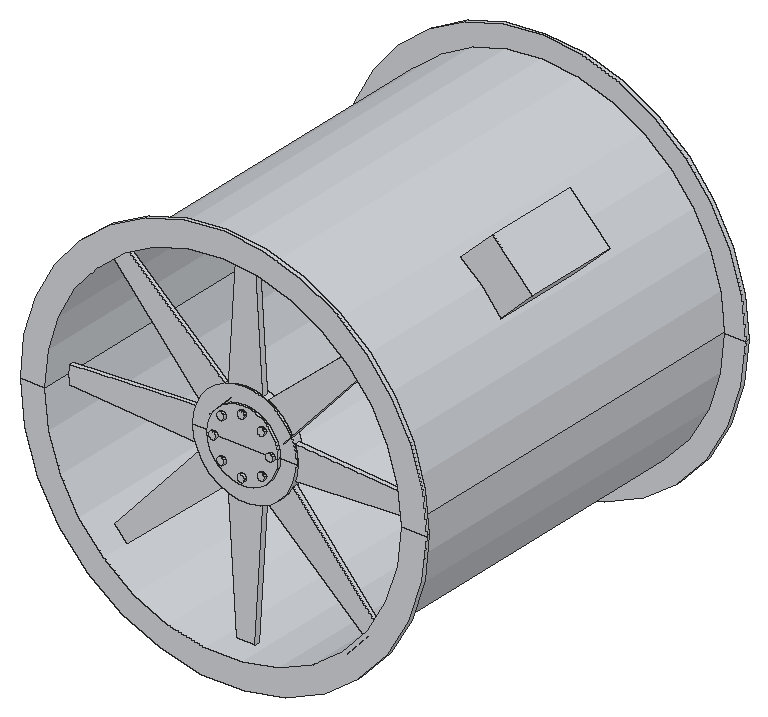
Revit family "CADS_Vent-Axia_MechEquip_Fan_LCA_500_3Ph4P - EXTRACT", category Mechanical Equipment, Revit 2020
Family settings
  Round Connector Dimension = Use Diameter
  Part Type = Normal
  OmniClass Number = 23.75.00.00
  OmniClass Title = Climate Control (HVAC)
  Work Plane-Based = No
  Always vertical = Yes
  Cut with Voids When Loaded = No
  Shared = No
  Room Calculation Point = No
Parameters (values of type "LCA503410")
  nr = NominalDiameter / 2  # 250 mm
  WorkingPressure = 0.0 Pa
  WarrantyStartDate [instance] = "1900-12-31T23:59:59"
  WarrantyPeriod = ""
  WarrantyIdentifier = "N/A"
  WarrantyGuarantorParts = "tech@vent-axia.com"
  WarrantyGuarantorLabor = "tech@vent-axia.com"
  WarrantyGuarantor = "Vent-Axia Limited"
  WarrantyEndDate [instance] = "1900-12-31T23:59:59"
  WarrantyContent = ""
  TemperatureRange = ""
  TagNumber [instance] = "N/A"
  SustainabilityPerformance = ""
  Status = "New"
  Size = ""
  Shape = ""
  ServiceLifeType = ""
  ServiceLifeDuration = ""
  SerialNumber [instance] = "N/A"
  ReplacementCost = ""
  RatedVoltage = 0 V
  RatedCurrent = 0 A
  Quantity = 1
  ProductionYear = ""
  PressureCurve = ""
  PowerFactor = ""
  PointOfContact = ""
  NumberOfPoles = 0
  NominalWidth = 500 mm
  NominalLength = 565 mm
  NominalHeight = 500 mm
  NominalFrequencyRange = ""
  NominalDiameter = 500 mm
  ModelReference = "LCAX 500mm 3PH 4P 10DEG"
  ModelNumber = "LCA503410"
  Material = ""
  ManufacturerE-Mail = "tech@vent-axia.com"
  ManufacturerAddress = "Fleming Way\nCrawley \nRH10 9YX"
  IsExtendedWarranty = no
  InsulationStandardClass = ""
  InstallationDate [instance] = "1900-12-31T23:59:59"
  IfcExportType [instance] = ""
  IfcExportAs = "IfcFanType"
  IP_Code = ""
  HasProtectiveEarth = no
  GrossWeight = 0.00 kg
  Grade = ""
  GlobalTradeItemNumber [instance] = "N/A"
  Fitting Type = "Ignore"
  Finish = ""
  Features = ""
  ExteriorInsulation = no
  ExpectedServiceLife = 0
  Exclusions = ""
  DurationUnit = "Year"
  Default Elevation = 0 mm
  Constituents = ""
  ConductorFunction = ""
  Color = ""
  CodePerformance = ""
  Category = ""
  CADS_Usage = 0
  CADS_Index = 0
  AssetType = "FIXED"
  AssetIdentifier [instance] = "N/A"
  AssemblyPlace = "UNKNOWN"
  ArticleNumber [instance] = "N/A"
  AirflowRateRange = 0.0 L/s
  Air Flow [instance] = 0.0 L/s
  AccessibilityPerformance = ""
Types (16, lengths in mm): name | ModelReference | ModelNumber
  LCA503410 | "LCAX 500mm 3PH 4P 10DEG" | "LCA503410"
  LCA503412 | "LCAX 500mm 3PH 4P 12DEG" | "LCA503412"
  LCA503414 | "LCAX 500mm 3PH 4P 14DEG" | "LCA503414"
  LCA503416 | "LCAX 500mm 3PH 4P 16DEG" | "LCA503416"
  LCA503418 | "LCAX 500mm 3PH 4P 18DEG" | "LCA503418"
  LCA503420 | "LCAX 500mm 3PH 4P 20DEG" | "LCA503420"
  LCA503422 | "LCAX 500mm 3PH 4P 22DEG" | "LCA503422"
  LCA503424 | "LCAX 500mm 3PH 4P 24DEG" | "LCA503424"
  LCA503426 | "LCAX 500mm 3PH 4P 26DEG" | "LCA503426"
  LCA503428 | "LCAX 500mm 3PH 4P 28DEG" | "LCA503428"
  LCA503430 | "LCAX 500mm 3PH 4P 30DEG" | "LCA503430"
  LCA503432 | "LCAX 500mm 3PH 4P 32DEG" | "LCA503432"
  LCA503434 | "LCAX 500mm 3PH 4P 34DEG" | "LCA503434"
  LCA503436 | "LCAX 500mm 3PH 4P 36DEG" | "LCA503436"
  LCA503438 | "LCAX 500mm 3PH 4P 38DEG" | "LCA503438"
  LCA503440 | "LCAX 500mm 3PH 4P 40DEG" | "LCA503440"
Reference planes
  plane 1 "Center (Front/Back)": y = 0
  plane 2: z = 0
  plane 3 "Center (Left/Right)": x = 0
  plane 4: x = -250
  plane 5: x = 250
  plane 6 "F": y = -282.5
  plane 7 "B": y = 282.5
  plane 8: x = -285
  plane 9: y = 277.5
  plane 10: y = -277.5
  plane 11: x = -255
  plane 12: y = -242.5
  plane 13 "top": z = 250
  plane 14: z = -250
  plane 15 "45deg": through (0, -1524, 0) normal (-0.7071, 0, -0.7071)
  plane 16 "C": through (0, -1524, 0) normal (-0.7071, 0, 0.7071)
Forms (mm)
  Revolve 1, solid
    sketch origin (0, 0, 0) x (1, 0, 0) y (0, 1, 0)
      loop
        line (-285, -282.5) -> (-250, -282.5) -> (-250, 282.5) -> (-285, 282.5) -> (-285, 277.5) -> (-255, 277.5) -> (-255, -277.5) -> (-285, -277.5) -> (-285, -282.5)
      axis (0, 282.5) -> (0, -282.5)
    angle from 0 to 360
  Sweep 2, solid
    path origin (0, 0, 0) x (1, 0, 0) y (0, 0, 1)
      loop
        line (176.777, 176.777) -> (222.739, 222.739)
    profile origin (199.758, 0, 199.758) x (-0.707107, 0, 0.707107) y (0, -1, 0)
      loop
        line (37.5, 55) -> (-42.73, 55) -> (-42.73, -79.5) -> (37.5, -79.5) -> (37.5, 55)
Dimensions and locks
  equal spacing: plane 4, plane 3 "Center (Left/Right)", plane 5
  equal spacing: plane 7 "B", plane 1 "Center (Front/Back)", plane 6 "F"
  "NominalLength": plane 7 "B" to plane 6 "F"
  "NominalDiameter": plane 4 to plane 5
  locked: plane 11 to plane 4 at 5
  locked: plane 8 to plane 11 at 30
  locked: plane 6 "F" to plane 10 at 5
  locked: plane 7 "B" to plane 9 at 5
  locked: plane 6 "F" to plane 12 at 40
  equal spacing: plane 13 "top", level, plane 14
  "NominalDiameter": plane 13 "top" to plane 14
  "nr": Sweep 2 sketch curve to nested 13
  Sweep 2 sketch curve to Sweep 2 sketch curve = 65 mm
  aligned and locked: level to plane 2
  aligned and locked: nested 1 to plane 12
Automatic sketch dimensions
  plane 6 "F" to Revolve 1 sketch curve = 0 mm
  Revolve 1 sketch curve to plane 8 = 0 mm  (x2)
  plane 10 to Revolve 1 sketch curve = 0 mm
  Revolve 1 sketch curve to plane 11 = 0 mm
  Revolve 1 sketch curve to plane 4 = 0 mm
  Revolve 1 sketch curve to plane 3 "Center (Left/Right)" = 0 mm
  plane 1 "Center (Front/Back)" to Revolve 1 sketch curve = 0 mm
  Revolve 1 sketch curve to plane 9 = 0 mm
  Revolve 1 sketch curve to plane 7 "B" = 0 mm
  plane 6 "F" to Revolve 1 sketch curve = 115 mm
  plane 1 "Center (Front/Back)" to Sweep 2 sketch curve = 55 mm
  Sweep 2 sketch curve to profile plane = 37.5 mm
  Sweep 2 sketch curve to Sweep 2 sketch curve = 80.23 mm
  Sweep 2 sketch curve to Sweep 2 sketch curve = 134.5 mm
  Sweep 2 sketch curve to plane 16 "C" = 0 mm  (x2)
Nested families
  nested 1: "Fan for ESC" at (0, -242.5, 0), ND <- "NominalDiameter", type "Fan for ESC"
    with hub 50 mm, ND 500 mm, BoltPCD 40 mm, Bolt Count 8, B_Diam 10 mm
  nested 2: "Bolts" at (0, -251.672, -40) x (-1, 0, 0) z (0, 1, 0), type "Bolts"
    with bd 10 mm
  nested 3: "Bolts" at (-28.284, -251.672, -28.284) x (-0.7071, 0, 0.7071) z (0, 1, 0), type "Bolts"
    with bd 10 mm
  nested 4: "Bolts" at (-40, -251.672, 0) x (0, 0, 1) z (0, 1, 0), type "Bolts"
    with bd 10 mm
  nested 5: "Bolts" at (-28.284, -251.672, 28.284) x (0.7071, 0, 0.7071) z (0, 1, 0), type "Bolts"
    with bd 10 mm
  nested 6: "Bolts" at (28.284, -251.672, 28.284) x (0.7071, 0, -0.7071) z (0, 1, 0), type "Bolts"
    with bd 10 mm
  nested 7: "Bolts" at (0, -251.672, 40) x (1, 0, 0) z (0, 1, 0), type "Bolts"
    with bd 10 mm
  nested 8: "ESC Blade" at (0, -242.5, 0), type "ESC Blade"
    with a 20.00°, HR 50 mm, HD 100 mm, BT 25 mm, BR 200 mm, BH 40 mm, BD 500 mm, BB 50 mm
  nested 9: "ESC Blade" at (0, -242.5, 0) x (0.7071, 0, -0.7071) z (0.7071, 0, 0.7071), type "ESC Blade"
    with a 20.00°, HR 50 mm, HD 100 mm, BT 25 mm, BR 200 mm, BH 40 mm, BD 500 mm, BB 50 mm
  nested 10: "ESC Blade" at (0, -242.5, 0) x (0, 0, -1) z (1, 0, 0), type "ESC Blade"
    with a 20.00°, HR 50 mm, HD 100 mm, BT 25 mm, BR 200 mm, BH 40 mm, BD 500 mm, BB 50 mm
  nested 11: "ESC Blade" at (0, -242.5, 0) x (-0.7071, 0, -0.7071) z (0.7071, 0, -0.7071), type "ESC Blade"
    with a 20.00°, HR 50 mm, HD 100 mm, BT 25 mm, BR 200 mm, BH 40 mm, BD 500 mm, BB 50 mm
  nested 12: "ESC Blade" at (0, -242.5, 0) x (-1, 0, 0) z (0, 0, -1), type "ESC Blade"
    with a 20.00°, HR 50 mm, HD 100 mm, BT 25 mm, BR 200 mm, BH 40 mm, BD 500 mm, BB 50 mm
  nested 13: "ESC Blade" at (0, -242.5, 0) x (-0.7071, 0, -0.7071) z (-0.7071, 0, 0.7071), type "ESC Blade"
    with a 20.00°, HR 50 mm, HD 100 mm, BT 25 mm, BR 200 mm, BH 40 mm, BD 500 mm, BB 50 mm
  nested 14: "ESC Blade" at (0, -242.5, 0) x (0, 0, -1) z (-1, 0, 0), type "ESC Blade"
    with a 20.00°, HR 50 mm, HD 100 mm, BT 25 mm, BR 200 mm, BH 40 mm, BD 500 mm, BB 50 mm
  nested 15: "ESC Blade" at (0, -242.5, 0) x (0.7071, 0, -0.7071) z (-0.7071, 0, -0.7071), type "ESC Blade"
    with a 20.00°, HR 50 mm, HD 100 mm, BT 25 mm, BR 200 mm, BH 40 mm, BD 500 mm, BB 50 mm
  nested 16: "Bolts" at (40, -251.672, 0) x (0, 0, -1) z (0, 1, 0), type "Bolts"
    with bd 10 mm
  nested 17: "Bolts" at (28.284, -251.672, -28.284) x (-0.7071, 0, -0.7071) z (0, 1, 0), type "Bolts"
    with bd 10 mm
Connectors
  hvac at (0, -282.5, 0), driven by "NominalDiameter", driven by "Air Flow"
    settings: on Revolve 1, index 1, duct flow 0.0 L/s, flow factor 0, pres drop 0.0 Pa, loss coef 0, conn angle 0.00°, conn width 304.8 mm, conn height 304.8 mm, conn diameter 500 mm, duct sys type 2, conn prof type 0, flow config 0, flow direction 1, loss method 0, conn ref index -1, conn util no, is conn primary yes, conn desc ""
  hvac at (0, 282.5, 0), driven by "NominalDiameter", driven by "Air Flow"
    settings: on Revolve 1, index 2, duct flow 0.0 L/s, flow factor 0, pres drop 0.0 Pa, loss coef 0, conn angle 0.00°, conn width 304.8 mm, conn height 304.8 mm, conn diameter 500 mm, duct sys type 3, conn prof type 0, flow config 1, flow direction 2, loss method 0, conn ref index -1, conn util no, is conn primary no, conn desc ""
Definition of nested family "Fan for ESC"
  Parameters (values of type "Fan for ESC")
    hub [instance] = ND / 10  # 56.7 mm
    ND [instance] = 567 mm
    Model = "."
    Default Elevation = 0 mm
    BoltPCD [instance] = hub - (hub * 0.2)  # 45.36 mm
    Bolt Count [instance] = if(hub < 50 mm, 6, 8)  # 8
    B_Diam [instance] = if(hub < 50 mm, 5 mm, 10 mm)  # 10 mm
  Reference planes
    plane 1 "Center (Front/Back)": y = 0
    plane 2: z = 0
    plane 3 "Center (Left/Right)": x = 0
    plane 4 "back": y = 20
    plane 5 "bolts": y = -9.172
    plane 6 "B": z = 56.7
    plane 7: x = -79.287
    plane 8: x = -56.7
    plane 9 "hubface": y = -6.172
  Forms (mm)
    Revolve 1, solid
      sketch origin (0, 0, 0) x (1, 0, 0) y (0, 1, 0)
        loop
          line (0, 20) -> (-56.7, 20) -> (-56.7, 10.504) -> (-79.287, 10.504) -> (-79.287, -2.597) -> (-56.7, -2.597) -> (-56.7, -6.172) -> (0, -6.172) -> (0, 20)
        axis (0, 20) -> (0, -6.172)
      angle from 0 to 360
    Extrusion 2, solid, not visible
      sketch origin (0, -6.347, -4) x (-1, 0, 0) y (0, 0, 1)
        loop
          circle (0, 84) r 5
      from 0 to 3
  Lines and regions (mm)
    symbolic lines
      curve 1: circle (0, -9.172, 0) r 45.36 normal (0, 1, 0)
    model lines, not visible
      curve 2: line (0, -6.347, 85) -> (0, -6.347, 75)
  Dimensions and locks
    "hub": plane 6 "B" to plane 2
    "hub": nested 3 to plane 3 "Center (Left/Right)"
    "hub": nested 4 to plane 3 "Center (Left/Right)"
    "hub": nested 5 to plane 3 "Center (Left/Right)"
    "hub": plane 3 "Center (Left/Right)" to nested 6
    "hub": Revolve 1 sketch curve to Revolve 1 sketch curve
    "hub": plane 3 "Center (Left/Right)" to nested 7
    "hub": plane 3 "Center (Left/Right)" to nested 8
    "hub": plane 3 "Center (Left/Right)" to nested 9
    "hub": plane 8 to plane 3 "Center (Left/Right)"
    plane 7 to plane 8 = 22.587 mm
    diameter of Extrusion 2 sketch curve = 10 mm
    "BoltPCD": radius of curve 1
    "BoltPCD": radius of radial array
    aligned and locked: level to plane 2
    aligned and locked: plane 6 "B" to nested 1
  Automatic sketch dimensions
    Revolve 1 sketch curve to plane 7 = 0 mm
    Revolve 1 sketch curve to plane 8 = 0 mm  (x2)
    Revolve 1 sketch curve to plane 3 "Center (Left/Right)" = 0 mm
    Revolve 1 sketch curve to plane 9 "hubface" = 0 mm
    plane 4 "back" to Revolve 1 sketch curve = 0 mm
    plane 1 "Center (Front/Back)" to Revolve 1 sketch curve = 2.597 mm
    plane 4 "back" to Revolve 1 sketch curve = 9.496 mm
    Revolve 1 sketch curve to Revolve 1 sketch curve = 5 mm
    Revolve 1 sketch curve to plane 4 "back" = 45 mm
    curve 1 to level = 0 mm
    curve 1 to plane 3 "Center (Left/Right)" = 0 mm
  Nested families
    nested 1: "ESC Blade" at (0, 0, 0), BD <- "ND", HD <- "hub", type "ESC Blade"
      with a 20.00°, HR 56.7 mm, HD 113.4 mm, BT 28.35 mm, BR 226.8 mm, BH 40 mm, BD 567 mm, BB 56.7 mm
    nested 2: "ESC Blade" at (0, 0, 755), BD <- "ND", HD <- "hub", type "ESC Blade", not visible
      with a 20.00°, HR 56.7 mm, HD 113.4 mm, BT 28.35 mm, BR 226.8 mm, BH 40 mm, BD 567 mm, BB 56.7 mm
    nested 3: "ESC Blade" at (0, 0, 0) x (0.7071, 0, -0.7071) z (0.7071, 0, 0.7071), BD <- "ND", HD <- "hub", type "ESC Blade"
      with a 20.00°, HR 56.7 mm, HD 113.4 mm, BT 28.35 mm, BR 226.8 mm, BH 40 mm, BD 567 mm, BB 56.7 mm
    nested 4: "ESC Blade" at (0, 0, 0) x (0, 0, -1) z (1, 0, 0), BD <- "ND", HD <- "hub", type "ESC Blade"
      with a 20.00°, HR 56.7 mm, HD 113.4 mm, BT 28.35 mm, BR 226.8 mm, BH 40 mm, BD 567 mm, BB 56.7 mm
    nested 5: "ESC Blade" at (0, 0, 0) x (-0.7071, 0, -0.7071) z (0.7071, 0, -0.7071), BD <- "ND", HD <- "hub", type "ESC Blade"
      with a 20.00°, HR 56.7 mm, HD 113.4 mm, BT 28.35 mm, BR 226.8 mm, BH 40 mm, BD 567 mm, BB 56.7 mm
    nested 6: "ESC Blade" at (0, 0, 0) x (-1, 0, 0) z (0, 0, -1), BD <- "ND", HD <- "hub", type "ESC Blade"
      with a 20.00°, HR 56.7 mm, HD 113.4 mm, BT 28.35 mm, BR 226.8 mm, BH 40 mm, BD 567 mm, BB 56.7 mm
    nested 7: "ESC Blade" at (0, 0, 0) x (-0.7071, 0, -0.7071) z (-0.7071, 0, 0.7071), BD <- "ND", HD <- "hub", type "ESC Blade"
      with a 20.00°, HR 56.7 mm, HD 113.4 mm, BT 28.35 mm, BR 226.8 mm, BH 40 mm, BD 567 mm, BB 56.7 mm
    nested 8: "ESC Blade" at (0, 0, 0) x (0, 0, -1) z (-1, 0, 0), BD <- "ND", HD <- "hub", type "ESC Blade"
      with a 20.00°, HR 56.7 mm, HD 113.4 mm, BT 28.35 mm, BR 226.8 mm, BH 40 mm, BD 567 mm, BB 56.7 mm
    nested 9: "ESC Blade" at (0, 0, 0) x (0.7071, 0, -0.7071) z (-0.7071, 0, -0.7071), BD <- "ND", HD <- "hub", type "ESC Blade"
      with a 20.00°, HR 56.7 mm, HD 113.4 mm, BT 28.35 mm, BR 226.8 mm, BH 40 mm, BD 567 mm, BB 56.7 mm
    nested 10: "Bolts" at (0, -9.172, 45.36) x (1, 0, 0) z (0, 1, 0), bd <- "B_Diam", type "Bolts"
      with bd 10 mm
    nested 11: "Bolts" at (32.074, -9.172, 32.074) x (0.7071, 0, -0.7071) z (0, 1, 0), bd <- "B_Diam", type "Bolts"
      with bd 10 mm
    nested 12: "Bolts" at (-32.074, -9.172, 32.074) x (0.7071, 0, 0.7071) z (0, 1, 0), bd <- "B_Diam", type "Bolts"
      with bd 10 mm
    nested 13: "Bolts" at (-45.36, -9.172, 0) x (0, 0, 1) z (0, 1, 0), bd <- "B_Diam", type "Bolts"
      with bd 10 mm
    nested 14: "Bolts" at (-32.074, -9.172, -32.074) x (-0.7071, 0, 0.7071) z (0, 1, 0), bd <- "B_Diam", type "Bolts"
      with bd 10 mm
    nested 15: "Bolts" at (0, -9.172, -45.36) x (-1, 0, 0) z (0, 1, 0), bd <- "B_Diam", type "Bolts"
      with bd 10 mm
    nested 16: "Bolts" at (32.074, -9.172, -32.074) x (-0.7071, 0, -0.7071) z (0, 1, 0), bd <- "B_Diam", type "Bolts"
      with bd 10 mm
    nested 17: "Bolts" at (45.36, -9.172, 0) x (0, 0, -1) z (0, 1, 0), bd <- "B_Diam", type "Bolts"
      with bd 10 mm
  Definition of nested family "ESC Blade"
    Parameters (values of type "ESC Blade")
      a [instance] = 20.00°
      HR [instance] = HD / 2  # 30 mm
      HD [instance] = BD / 5  # 60 mm
      Default Elevation = 1219.2 mm
      BT [instance] = BD / 20  # 15 mm
      BR [instance] = (BD / 2) - HR  # 120 mm
      BH [instance] = 40 mm
      BD [instance] = 300 mm
      BB [instance] = BD / 10  # 30 mm
    Reference planes
      plane 1 "Center (Front/Back)": y = 0
      plane 2: z = 0
      plane 3 "Center (Left/Right)": x = 0
      plane 4 "Blade Bot": z = 30
      plane 5: x = -15
      plane 6: x = 15
      plane 7: x = -7.5
      plane 8: x = 7.5
    Forms (mm)
      Blend 1, solid
        base sketch origin (0, 0, 30) x (-1, 0, 0) y (0, -1, 0)
          loop
            line (15, 0) -> (-15, 0) -> (-15, -6) -> (15, -6) -> (15, 0)
        top sketch origin (0, 0, 30) x (-1, 0, 0) y (0, -1, 0)
          loop
            line (7.5, -6) -> (7.5, 0) -> (-7.5, 0) -> (-7.5, -6) -> (7.5, -6)
        from 0 to 120 <- "BR"
    Dimensions and locks
      "HR": plane 4 "Blade Bot" to level
      equal spacing: plane 8, plane 3 "Center (Left/Right)", plane 7
      "BT": plane 8 to plane 7
      equal spacing: plane 6, plane 3 "Center (Left/Right)", plane 5
      "BB": plane 6 to plane 5
      aligned and locked: level to plane 2
    Automatic sketch dimensions
      plane 1 "Center (Front/Back)" to Blend 1 sketch curve = 0 mm  (x2)
      Blend 1 sketch curve to plane 6 = 0 mm
      Blend 1 sketch curve to plane 5 = 0 mm
      Blend 1 sketch curve to plane 1 "Center (Front/Back)" = 6 mm  (x2)
      Blend 1 sketch curve to plane 8 = 0 mm
      Blend 1 sketch curve to plane 7 = 0 mm
  Definition of nested family "Bolts"
    Parameters
      bd [instance] = 10 mm
      Default Elevation = 1219.2 mm
    Reference planes
      plane 1 "Center (Front/Back)": y = 0
      plane 2: z = 0
      plane 3 "Center (Left/Right)": x = 0
    Forms (mm)
      Extrusion 1, solid
        sketch origin (0, 0, 0) x (1, 0, 0) y (0, 1, 0)
          loop
            line (-1219.2, 1219.2) -> (-1219.2, -1219.2) -> (1219.2, -1219.2) -> (1219.2, 1219.2) -> (-1219.2, 1219.2)
        from 0 to -304.8
      Extrusion 2, solid
        sketch origin (0, 0, 0) x (1, 0, 0) y (0, 1, 0)
          loop
            circle (0, 0) r 5
        from 0 to 3
    Dimensions and locks
      "bd": diameter of Extrusion 2 sketch curve
      aligned and locked: plane 2 to Extrusion 1
      aligned and locked: level to Extrusion 1
    Automatic sketch dimensions
      Extrusion 1 sketch curve to Extrusion 1 sketch curve = 2438.4 mm  (x2)
      plane 1 "Center (Front/Back)" to Extrusion 2 sketch curve = 0 mm
      Extrusion 2 sketch curve to plane 3 "Center (Left/Right)" = 0 mm
Definition of nested family "Bolts"
  Parameters
    bd [instance] = 10 mm
    Default Elevation = 1219.2 mm
  Reference planes
    plane 1 "Center (Front/Back)": y = 0
    plane 2: z = 0
    plane 3 "Center (Left/Right)": x = 0
  Forms (mm)
    Extrusion 1, solid
      sketch origin (0, 0, 0) x (1, 0, 0) y (0, 1, 0)
        loop
          line (-1219.2, 1219.2) -> (-1219.2, -1219.2) -> (1219.2, -1219.2) -> (1219.2, 1219.2) -> (-1219.2, 1219.2)
      from 0 to -304.8
    Extrusion 2, solid
      sketch origin (0, 0, 0) x (1, 0, 0) y (0, 1, 0)
        loop
          circle (0, 0) r 5
      from 0 to 3
  Dimensions and locks
    "bd": diameter of Extrusion 2 sketch curve
    aligned and locked: plane 2 to Extrusion 1
    aligned and locked: level to Extrusion 1
  Automatic sketch dimensions
    Extrusion 1 sketch curve to Extrusion 1 sketch curve = 2438.4 mm  (x2)
    plane 1 "Center (Front/Back)" to Extrusion 2 sketch curve = 0 mm
    Extrusion 2 sketch curve to plane 3 "Center (Left/Right)" = 0 mm
Definition of nested family "ESC Blade"
  Parameters (values of type "ESC Blade")
    a [instance] = 20.00°
    HR [instance] = HD / 2  # 30 mm
    HD [instance] = BD / 5  # 60 mm
    Default Elevation = 1219.2 mm
    BT [instance] = BD / 20  # 15 mm
    BR [instance] = (BD / 2) - HR  # 120 mm
    BH [instance] = 40 mm
    BD [instance] = 300 mm
    BB [instance] = BD / 10  # 30 mm
  Reference planes
    plane 1 "Center (Front/Back)": y = 0
    plane 2: z = 0
    plane 3 "Center (Left/Right)": x = 0
    plane 4 "Blade Bot": z = 30
    plane 5: x = -15
    plane 6: x = 15
    plane 7: x = -7.5
    plane 8: x = 7.5
  Forms (mm)
    Blend 1, solid
      base sketch origin (0, 0, 30) x (-1, 0, 0) y (0, -1, 0)
        loop
          line (15, 0) -> (-15, 0) -> (-15, -6) -> (15, -6) -> (15, 0)
      top sketch origin (0, 0, 30) x (-1, 0, 0) y (0, -1, 0)
        loop
          line (7.5, -6) -> (7.5, 0) -> (-7.5, 0) -> (-7.5, -6) -> (7.5, -6)
      from 0 to 120 <- "BR"
  Dimensions and locks
    "HR": plane 4 "Blade Bot" to level
    equal spacing: plane 8, plane 3 "Center (Left/Right)", plane 7
    "BT": plane 8 to plane 7
    equal spacing: plane 6, plane 3 "Center (Left/Right)", plane 5
    "BB": plane 6 to plane 5
    aligned and locked: level to plane 2
  Automatic sketch dimensions
    plane 1 "Center (Front/Back)" to Blend 1 sketch curve = 0 mm  (x2)
    Blend 1 sketch curve to plane 6 = 0 mm
    Blend 1 sketch curve to plane 5 = 0 mm
    Blend 1 sketch curve to plane 1 "Center (Front/Back)" = 6 mm  (x2)
    Blend 1 sketch curve to plane 8 = 0 mm
    Blend 1 sketch curve to plane 7 = 0 mm
